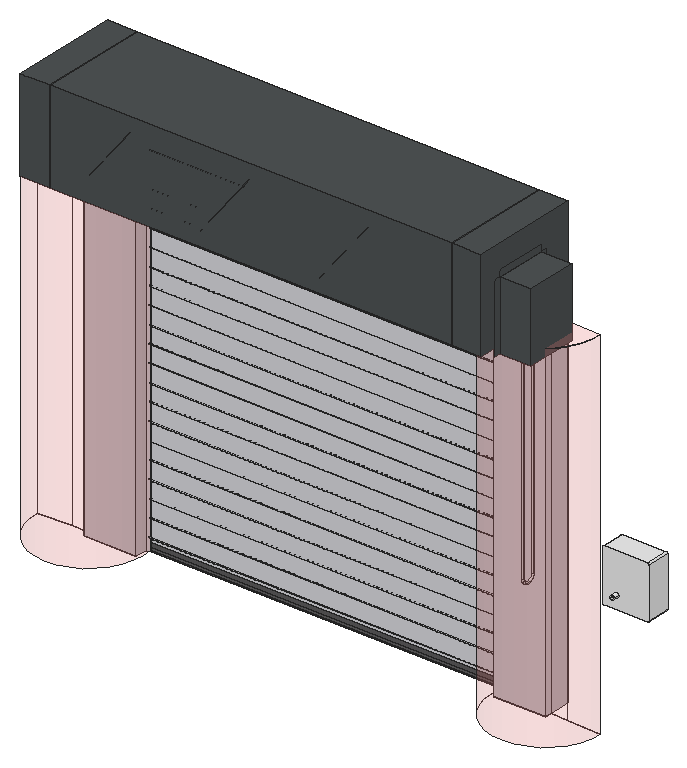
Revit family "Doors_Garage_Overhead-Door-Corporation_RapidShield-High-Speed-Exterior-Metal-Door-998_new_", category Specialty Equipment, host Wall, Revit 2019
Family settings
  Host = Wall
  Round Connector Dimension = Use Diameter
  Part Type = Normal
  OmniClass Number = 23.30.10.21.34
  OmniClass Title = Industrial Doors
  Always vertical = Yes
  Cut with Voids When Loaded = No
  Shared = No
  Room Calculation Point = No
Parameters (values of type "230 volts, three phase, 60 Hz (208-245V range)")
  True Width [instance] = [Door Width (Real)]  # 10' - 0"
  True Height [instance] = [Door Height (Real)]  # 10' - 0"
  Top Slat Array [instance] = if(Amount of Top Slats > 1, 1 < 2, 1 > 2)  # yes
  Slat Type [instance] = if(or(Slat Option = 1, Slat Option < 1), "Standard", if(Slat Option = 2, "Perforated Aluminum Slats", "Polycarbonate Panels"))  # "Standard"
  Slat Option [instance] = 1
  Slat Material = Metal - Overhead Door - Silver
  Slat Height = 0' - 5 13/16"  # constant formula
  Real Width [instance] = roundup([Door Width (Real)] / 1' 0")  # 10
  Product Page URL = "https://www.overheaddoor.com/high-speed-doors-998"
  Powder Coat (Note) = "PowderGuard® Premium powder coat options are available in approximately 200 colors as well as custom matching to specification. "  # constant formula
  Optional Slat Array [instance] = not([1st Optional Slat])  # yes
  Motor Cover [instance] = yes
  Lookup Table = "Door Limits"  # constant formula
  Insulated Slat Option [instance] = if(or(Guide Option = 2, Guide Option = 4, Guide Option > 4), 1 = 1, 1 = 2)  # no
  Hood Option [instance] = yes
  Hood Material = Metal - Overhead Door - Black
  Headroom Height [instance] = if(or(Header Option < 1, Header Option = 1), 2' 8", 3' 2")  # 2' - 8"
  Header Type [instance] = if(or(Header Option < 1, Header Option = 1), "Standard Header", "Large Header")  # "Standard Header"
  Header Option [instance] = if(or(True Height < 15' 0", True Height = 15' 0"), 1, 2)  # 1
  Guide Type [instance] = if(or(Guide Option < 1, Guide Option = 1), "Wide Guide - Non-Insulated", if(Guide Option = 2, "Wide Guide - Insulated", if(Guide Option = 3, "Slim Guide - Non-Insulated", "Slim Guide - Insulated")))  # "Wide Guide - Non-Insulated"
  Guide Option [instance] = 1
  External Transformer = no
  Door Width (Real) [instance] = if(Door Width > Max Door Width, Max Door Width, if(Door Width < Min Door Width, Min Door Width, Door Width))  # 10' - 0"
  Door Height (Real) [instance] = if(Door Height > Max Door Height, Max Door Height, if(Door Height < Min Door Height, Min Door Height, Door Height))  # 10' - 0"
  Optional Slats Section Height [instance] = Slat Height * [Amount of Optional Slats (Real)]  # 1' - 11 1/4"
  Rough Width [instance] = [Door Width (Real)]  # 10' - 0"
  Rough Height [instance] = [Door Height (Real)] - 0' 1 1/4"  # 9' - 10 3/4"
  Opening Width [instance] = Rough Width  # 10' - 0"
  Opening Height [instance] = Rough Height  # 9' - 10 3/4"
  Voltage = 230 V
  URL = "https://www.overheaddoor.com/"
  Product data url = "https://www.bimobject.com/overhead-door/product/high-speed-exterior-metal-door-998"
  Product Guid = "47d9bbf6-8e58-479b-a541-8becfc739ce1"
  Power Factor = 1
  Number of Poles = 3
  Model = "998"  # constant formula
  Min Door Width [instance] = 4' - 0"  # constant formula
  Min Door Height [instance] = 2' - 0"  # constant formula
  Max Door Width [instance] = if(or(Slat Option = 2, Guide Option = 2, Guide Option = 4, Guide Option > 4), 20' 0", 26' 0")  # 26' - 0"
  Max Door Height [instance] = if(or(Guide Option = 1, Guide Option < 1), size_lookup(Lookup Table, "A", 21' 0", Real Width), if(Guide Option = 2, 21' 0", if(Guide Option = 3, size_lookup(Lookup Table, "B", 21' 0", Real Width), if(or(Guide Option = 4, Guide Option > 4), size_lookup(Lookup Table, "C", 21' 0", Real Width), 21' 0"))))  # 21' - 0"
  Manufacturer = "Overhead Door Corporation"  # constant formula
  Frequency = 60 Hz  # constant formula
  Wall Closure = By host
  Floor To (CL) of Shaft [instance] = if(or(Header Option < 1, Header Option = 1), Opening Height + 1' 4", Opening Height + 1' 7 161/256")  # 11' - 2 3/4"
  Dimensions Limit (Note) [instance] = "Maximum Height dependant on Width input, see specifications for further detail"  # constant formula
  Connector Description = "Rapidflex Large Control Panel"  # constant formula
  Bottom Slats Section Height [instance] = Slat Height * [Amount of Bottom Slats (Real)]  # 3' - 10 1/2"
  Finish Material = Metal - Overhead Door - Silver
  Door Width [instance] = 10' - 0"
  Door Height [instance] = 10' - 0"
  Description = "RapidShield® Model 998 is a heavy-duty exterior door that features a solid aluminum curtain with opening speeds up to 80” per second. Engineered for high cycles and easy operation, RapidShield® Model 998 has been independently tested and is capable of withstanding wind load of up to 100 psf*. With a focus on safety, RapidShield® Model 998 also features patent-pending integrated curtain-monitoring device, a safety light curtain, and a monitored wireless reversing edge. This door is perfect for applications where security and privacy are a priority."  # constant formula
  Current = 20 A
  Clearance [instance] = yes
  Bottom Rail (Width) = 0' - 9 3/8"  # constant formula
  Bottom Slat Array [instance] = not([1st Bottom Slat])  # yes
  Backroom Depth [instance] = if(or(Header Option < 1, Header Option = 1), 3' 0 1/2", 3' 6 1/2")  # 3' - 0 1/2"
  Apparent Load Phase 3 = if(Number of Poles = 1, 0 VA, (Voltage * Current * sqrt(3)) / 3)  # 2655.81 VA
  Apparent Load Phase 2 = if(Number of Poles = 1, 0 VA, (Voltage * Current * sqrt(3)) / 3)  # 2655.81 VA
  Apparent Load Phase 1 = if(Number of Poles = 1, Voltage * Current, (Voltage * Current * sqrt(3)) / 3)  # 2655.81 VA
  Amount of Top Slats (Array) [instance] = if(Amount of Top Slats < 2, 2, Amount of Top Slats)  # 9
  Amount of Top Slats [instance] = if((Actual Number of Slats - [Amount of Optional Slats (Real)] - [Amount of Bottom Slats (Real)]) < 1, 0, (Actual Number of Slats - [Amount of Optional Slats (Real)] - [Amount of Bottom Slats (Real)]))  # 9
  Amount of Optional Slats (Real) [instance] = if(or(Amount of Optional Slats = 1, Amount of Optional Slats < 1), 1, if(Amount of Optional Slats > 4, 4, Amount of Optional Slats))  # 4
  Amount of Optional Slats (Array) [instance] = if(or([Amount of Optional Slats (Real)] < 2, [Amount of Optional Slats (Real)] = 2), 2, [Amount of Optional Slats (Real)])  # 4
  Amount of Optional Slats [instance] = 4
  Amount of Bottom Slats (Real) [instance] = if(Amount of Bottom Slats < 1, 1, if(Amount of Bottom Slats > (Actual Number of Slats - [Amount of Optional Slats (Real)]), (Actual Number of Slats - [Amount of Optional Slats (Real)]), Amount of Bottom Slats))  # 8
  Amount of Bottom Slats (Array) [instance] = if(or([Amount of Bottom Slats (Real)] < 2, [Amount of Bottom Slats (Real)] = 2), 2, [Amount of Bottom Slats (Real)])  # 8
  Amount of Bottom Slats [instance] = 8
  Actual Number of Slats [instance] = roundup(([Door Height (Real)] - [Bottom Rail (Width)]) / 0' 5 13/16" + 1)  # 21
  1st Top Slat [instance] = if(Amount of Top Slats = 1, 1 < 2, 1 > 2)  # no
  1st Optional Slat [instance] = if(or([Amount of Optional Slats (Real)] = 1, [Amount of Optional Slats (Real)] < 1), 1 < 2, 1 > 2)  # no
  1st Bottom Slat [instance] = if([Amount of Bottom Slats (Real)] = 1, 1 < 2, 1 > 2)  # no
Reference planes (in)
  plane 1 "Center (Front/Back)": y = 0
  plane 2 "Center (Left/Right)": x = 0
  plane 3 "Left": x = -60
  plane 4 "Right": x = 60
  plane 5 "Top": z = 120
  plane 6 "Exterior": y = 3
  plane 7 "Interior": y = -3
  plane 8: x = 60
  plane 9: x = -60
  plane 10: z = 118.75
  plane 11: z = 150.75
  plane 12 "Main": y = -7.11719
  plane 13: y = -39.5
  plane 14 "Bottom Rail": z = 9.375
  plane 15 "Main Door Block": y = -3
  plane 16: z = 47.47
  plane 17: z = 61.6875
  plane 18: z = 73.3125
  plane 19: z = 50.0625
  plane 20: z = 2.5
  plane 21: y = -7.61719
  plane 22: y = -6.61719
  plane 23 "1st Bottom Slat": z = 2.5
  plane 24: z = 79.125
  plane 25: z = 15.1875
  plane 26: z = 3.5625
Forms (in)
  Extrusion 1, solid, material "Plastic - Overhead Door - Nylon"
    sketch origin (0, 0, 0) x (0, 1, 0) y (0, 0, 1)
      loop
        line (-7.61719, 2.5) -> (-7.61719, 1.064) -> (-7.73131, 0.25198) -> (-7.93536, 0) -> (-6.29902, 0) -> (-6.50307, 0.25198) -> (-6.61719, 1.064) -> (-6.61719, 2.5) -> (-7.61719, 2.5)
    from -60 to 60
Lines and regions (in)
  Opening 1
    outline origin (-90, -3, 0) x (1, 0, 0) y (0, 0, 1)
      loop
        line (30, 0) -> (150, 0) -> (150, 118.75) -> (30, 118.75) -> (30, 0)
Text (in)
  text "Exterior" at (-74.96733, 27.31104, 0), in view "Ref. Level"
  text "Interior" at (-74.96733, -25.14366, 0), in view "Ref. Level"
  text "Exterior" at (0, 40.15149, 123.01588), in view "Right"
  text "Interior" at (0, -64.39139, 123.01588), in view "Right"
  text "Interior" at (0, -31.01599, 123.00693), in view "Left"
  text "Exterior" at (0, 54.57065, 123.00693), in view "Left"
Dimensions and locks (in)
  equal spacing: plane 3 "Left", plane 2 "Center (Left/Right)", plane 4 "Right"
  "Door Height (Real)": level to plane 5 "Top"
  "Door Width (Real)": plane 3 "Left" to plane 4 "Right"
  host wall to plane 5 "Top" = 10' - 0"
  level to host wall = 38' - 3.59655"
  "Rough Height": level to plane 10
  equal spacing: plane 9, plane 2 "Center (Left/Right)", plane 8
  "Rough Width": plane 8 to plane 9
  "Headroom Height": plane 10 to plane 11
  "Backroom Depth": plane 7 "Interior" to plane 13
  "Bottom Rail (Width)": plane 14 "Bottom Rail" to level
  plane 10 to level = 9' - 10 3/4"
  locked: plane 15 "Main Door Block" to plane 12 "Main" at 4.11719
  plane 1 "Center (Front/Back)" to plane 7 "Interior" = 0' - 3"
  equal spacing: plane 18, plane 17, plane 19
  "Optional Slats Section Height": plane 18 to plane 19
  equal spacing: plane 21, plane 12 "Main", plane 22
  locked: plane 21 to plane 22 at 1
  locked: Extrusion 1 sketch curve to Extrusion 1 sketch curve at 0.82  (x2)
  locked: plane 20 to Extrusion 1 sketch curve at 1.436  (x2)
  locked: plane 23 "1st Bottom Slat" to level at 2.5
  equal spacing: group 1, group 7, group 8, group 2  (x3)
  "Slat Height": plane 18 to plane 24
  equal spacing: group 3, group 4, group 15, group 16, group 17, group 18, group 19, group 20, group 21  (x3)
  "Slat Height": plane 25 to plane 14 "Bottom Rail"
  "Bottom Slats Section Height": plane 19 to plane 26
  locked: plane 26 to level at 3.5625
  equal spacing: group 5, group 6, group 9, group 10, group 11, group 12, group 13, group 14  (x3)
  plane 23 "1st Bottom Slat" to plane 26 = 0' - 1 1/16"
  locked: Extrusion 1 sketch curve to Extrusion 1 sketch curve (angle 172.00°)  (x2)
  locked: Extrusion 1 sketch curve to Extrusion 1 sketch curve (angle 149.00°)  (x2)
  aligned and locked: Opening 1 sketch curve to level
  aligned and locked: plane 6 "Exterior" to host wall
  aligned and locked: host wall to plane 7 "Interior"
  aligned and locked: plane 9 to Opening 1 sketch curve
  aligned and locked: plane 8 to Opening 1 sketch curve
  aligned and locked: Opening 1 sketch curve to plane 10
  aligned and locked: Extrusion 1 to plane 4 "Right"
  aligned and locked: plane 3 "Left" to Extrusion 1
  aligned and locked: nested 1 to plane 7 "Interior"
  aligned and locked: nested 1 to plane 2 "Center (Left/Right)"
  aligned and locked: level to nested 1
  aligned and locked: plane 15 "Main Door Block" to plane 7 "Interior"
  aligned and locked: plane 20 to Extrusion 1 sketch curve
  aligned and locked: plane 21 to Extrusion 1 sketch curve
  aligned and locked: plane 22 to Extrusion 1 sketch curve
  aligned and locked: Extrusion 1 sketch curve to level
  aligned and locked: nested 2 to plane 19
  aligned and locked: plane 18 to nested 3
  aligned and locked: plane 12 "Main" to nested 3
  aligned and locked: plane 12 "Main" to nested 2
  aligned and locked: nested 4 to plane 19
  aligned and locked: plane 18 to nested 5
  aligned and locked: plane 12 "Main" to nested 4
  aligned and locked: plane 12 "Main" to nested 5
  aligned and locked: plane 18 to nested 6
  aligned and locked: nested 7 to plane 24
  aligned and locked: plane 12 "Main" to nested 6
  aligned and locked: plane 12 "Main" to nested 7
  aligned and locked: nested 8 to plane 26
  aligned and locked: nested 9 to plane 14 "Bottom Rail"
  aligned and locked: plane 12 "Main" to nested 9
  aligned and locked: plane 12 "Main" to nested 8
  aligned and locked: nested 10 to plane 26
  aligned and locked: nested 10 to plane 12 "Main"
Nested families (in)
  nested 1: "Lifts" at (0, -3, 0) x (-1, 0, 0) z (0, 0, 1), Header Option <- "Header Option", Guid Option <- "Guide Option", Header Height <- "Headroom Height", Header Width <- "Backroom Depth", Motor Cover <- "Motor Cover", type "Frame Unit"
    with Spool Radius 1' - 2", Right Motor Position yes, Motor Cover Off no, Motor Cover yes, Masking Region Right Motor no, Masking Region Left Motor no, Left Motor Position no, Header Width 3' - 0 1/2", Header Option 1, Header Height 2' - 8", Guid Width 1' - 5 1/4", Guid Option 1, Floor To (CL) of Shaft 11' - 2 3/4", Electric Operator Position 17' - 1 1/2", Clearance (Wide Guid) yes, Clearance (Slim Guid) no, CL Shaft Offset 1' - 0"
  nested 2: "Slat" at (0, -7.11719, 55.875) x (1, 0, 0) z (0, 0, -1), visible <- "1st Optional Slat", Slat Option <- "Slat Option", type "Slat"
    with Standard Slat Bottom Rail no, Standard Slat yes, Slat Option 1, Polycarbonate Slat Bottom Rail no, Polycarbonate Slat no, Perforated Slat Bottom Rail no, Perforated Slat no, Bottom Rail no
  nested 3: "Slat" at (0, -7.11719, 79.125) x (1, 0, 0) z (0, 0, -1), visible <- "1st Top Slat", type "Slat"
    with Standard Slat Bottom Rail no, Standard Slat yes, Slat Option 1, Polycarbonate Slat Bottom Rail no, Polycarbonate Slat no, Perforated Slat Bottom Rail no, Perforated Slat no, Bottom Rail no
  nested 4: "Slat" at (0, -7.11719, 55.875) x (1, 0, 0) z (0, 0, -1), visible <- "Optional Slat Array", Slat Option <- "Slat Option", type "Slat"
    with Standard Slat Bottom Rail no, Standard Slat yes, Slat Option 1, Polycarbonate Slat Bottom Rail no, Polycarbonate Slat no, Perforated Slat Bottom Rail no, Perforated Slat no, Bottom Rail no
  nested 5: "Slat" at (0, -7.11719, 73.3125) x (1, 0, 0) z (0, 0, -1), visible <- "Optional Slat Array", Slat Option <- "Slat Option", type "Slat"
    with Standard Slat Bottom Rail no, Standard Slat yes, Slat Option 1, Polycarbonate Slat Bottom Rail no, Polycarbonate Slat no, Perforated Slat Bottom Rail no, Perforated Slat no, Bottom Rail no
  nested 6: "Slat" at (0, -7.11719, 79.125) x (1, 0, 0) z (0, 0, -1), visible <- "Top Slat Array", type "Slat"
    with Standard Slat Bottom Rail no, Standard Slat yes, Slat Option 1, Polycarbonate Slat Bottom Rail no, Polycarbonate Slat no, Perforated Slat Bottom Rail no, Perforated Slat no, Bottom Rail no
  nested 7: "Slat" at (0, -7.11719, 84.9375) x (1, 0, 0) z (0, 0, -1), visible <- "Top Slat Array", type "Slat"
    with Standard Slat Bottom Rail no, Standard Slat yes, Slat Option 1, Polycarbonate Slat Bottom Rail no, Polycarbonate Slat no, Perforated Slat Bottom Rail no, Perforated Slat no, Bottom Rail no
  nested 8: "Slat" at (0, -7.11719, 9.375) x (1, 0, 0) z (0, 0, -1), visible <- "Bottom Slat Array", type "Slat"
    with Standard Slat Bottom Rail no, Standard Slat yes, Slat Option 1, Polycarbonate Slat Bottom Rail no, Polycarbonate Slat no, Perforated Slat Bottom Rail no, Perforated Slat no, Bottom Rail no
  nested 9: "Slat" at (0, -7.11719, 15.1875) x (1, 0, 0) z (0, 0, -1), visible <- "Bottom Slat Array", type "Slat"
    with Standard Slat Bottom Rail no, Standard Slat yes, Slat Option 1, Polycarbonate Slat Bottom Rail no, Polycarbonate Slat no, Perforated Slat Bottom Rail no, Perforated Slat no, Bottom Rail no
  nested 10: "Slat" at (0, -7.11719, 3.5625), type "Slat"
    with Standard Slat Bottom Rail yes, Standard Slat yes, Slat Option 1, Polycarbonate Slat Bottom Rail no, Polycarbonate Slat no, Perforated Slat Bottom Rail no, Perforated Slat no, Bottom Rail yes
  nested 11: "Slat" at (0, -7.11719, 61.6875) x (1, 0, 0) z (0, 0, -1), visible <- "Optional Slat Array", Slat Option <- "Slat Option", type "Slat"
    with Standard Slat Bottom Rail no, Standard Slat yes, Slat Option 1, Polycarbonate Slat Bottom Rail no, Polycarbonate Slat no, Perforated Slat Bottom Rail no, Perforated Slat no, Bottom Rail no
  nested 12: "Slat" at (0, -7.11719, 67.5) x (1, 0, 0) z (0, 0, -1), visible <- "Optional Slat Array", Slat Option <- "Slat Option", type "Slat"
    with Standard Slat Bottom Rail no, Standard Slat yes, Slat Option 1, Polycarbonate Slat Bottom Rail no, Polycarbonate Slat no, Perforated Slat Bottom Rail no, Perforated Slat no, Bottom Rail no
  nested 13: "Slat" at (0, -7.11719, 21) x (1, 0, 0) z (0, 0, -1), visible <- "Bottom Slat Array", type "Slat"
    with Standard Slat Bottom Rail no, Standard Slat yes, Slat Option 1, Polycarbonate Slat Bottom Rail no, Polycarbonate Slat no, Perforated Slat Bottom Rail no, Perforated Slat no, Bottom Rail no
  nested 14: "Slat" at (0, -7.11719, 26.8125) x (1, 0, 0) z (0, 0, -1), visible <- "Bottom Slat Array", type "Slat"
    with Standard Slat Bottom Rail no, Standard Slat yes, Slat Option 1, Polycarbonate Slat Bottom Rail no, Polycarbonate Slat no, Perforated Slat Bottom Rail no, Perforated Slat no, Bottom Rail no
  nested 15: "Slat" at (0, -7.11719, 32.625) x (1, 0, 0) z (0, 0, -1), visible <- "Bottom Slat Array", type "Slat"
    with Standard Slat Bottom Rail no, Standard Slat yes, Slat Option 1, Polycarbonate Slat Bottom Rail no, Polycarbonate Slat no, Perforated Slat Bottom Rail no, Perforated Slat no, Bottom Rail no
  nested 16: "Slat" at (0, -7.11719, 38.4375) x (1, 0, 0) z (0, 0, -1), visible <- "Bottom Slat Array", type "Slat"
    with Standard Slat Bottom Rail no, Standard Slat yes, Slat Option 1, Polycarbonate Slat Bottom Rail no, Polycarbonate Slat no, Perforated Slat Bottom Rail no, Perforated Slat no, Bottom Rail no
  nested 17: "Slat" at (0, -7.11719, 44.25) x (1, 0, 0) z (0, 0, -1), visible <- "Bottom Slat Array", type "Slat"
    with Standard Slat Bottom Rail no, Standard Slat yes, Slat Option 1, Polycarbonate Slat Bottom Rail no, Polycarbonate Slat no, Perforated Slat Bottom Rail no, Perforated Slat no, Bottom Rail no
  nested 18: "Slat" at (0, -7.11719, 50.0625) x (1, 0, 0) z (0, 0, -1), visible <- "Bottom Slat Array", type "Slat"
    with Standard Slat Bottom Rail no, Standard Slat yes, Slat Option 1, Polycarbonate Slat Bottom Rail no, Polycarbonate Slat no, Perforated Slat Bottom Rail no, Perforated Slat no, Bottom Rail no
  nested 19: "Slat" at (0, -7.11719, 90.75) x (1, 0, 0) z (0, 0, -1), visible <- "Top Slat Array", type "Slat"
    with Standard Slat Bottom Rail no, Standard Slat yes, Slat Option 1, Polycarbonate Slat Bottom Rail no, Polycarbonate Slat no, Perforated Slat Bottom Rail no, Perforated Slat no, Bottom Rail no
  nested 20: "Slat" at (0, -7.11719, 96.5625) x (1, 0, 0) z (0, 0, -1), visible <- "Top Slat Array", type "Slat"
    with Standard Slat Bottom Rail no, Standard Slat yes, Slat Option 1, Polycarbonate Slat Bottom Rail no, Polycarbonate Slat no, Perforated Slat Bottom Rail no, Perforated Slat no, Bottom Rail no
  nested 21: "Slat" at (0, -7.11719, 102.375) x (1, 0, 0) z (0, 0, -1), visible <- "Top Slat Array", type "Slat"
    with Standard Slat Bottom Rail no, Standard Slat yes, Slat Option 1, Polycarbonate Slat Bottom Rail no, Polycarbonate Slat no, Perforated Slat Bottom Rail no, Perforated Slat no, Bottom Rail no
  nested 22: "Slat" at (0, -7.11719, 108.1875) x (1, 0, 0) z (0, 0, -1), visible <- "Top Slat Array", type "Slat"
    with Standard Slat Bottom Rail no, Standard Slat yes, Slat Option 1, Polycarbonate Slat Bottom Rail no, Polycarbonate Slat no, Perforated Slat Bottom Rail no, Perforated Slat no, Bottom Rail no
  nested 23: "Slat" at (0, -7.11719, 114) x (1, 0, 0) z (0, 0, -1), visible <- "Top Slat Array", type "Slat"
    with Standard Slat Bottom Rail no, Standard Slat yes, Slat Option 1, Polycarbonate Slat Bottom Rail no, Polycarbonate Slat no, Perforated Slat Bottom Rail no, Perforated Slat no, Bottom Rail no
  nested 24: "Slat" at (0, -7.11719, 119.8125) x (1, 0, 0) z (0, 0, -1), visible <- "Top Slat Array", type "Slat"
    with Standard Slat Bottom Rail no, Standard Slat yes, Slat Option 1, Polycarbonate Slat Bottom Rail no, Polycarbonate Slat no, Perforated Slat Bottom Rail no, Perforated Slat no, Bottom Rail no
  nested 25: "Slat" at (0, -7.11719, 125.625) x (1, 0, 0) z (0, 0, -1), visible <- "Top Slat Array", type "Slat"
    with Standard Slat Bottom Rail no, Standard Slat yes, Slat Option 1, Polycarbonate Slat Bottom Rail no, Polycarbonate Slat no, Perforated Slat Bottom Rail no, Perforated Slat no, Bottom Rail no
Connectors (in)
  electrical at (102.74935, -10.54, 48), driven by "Number of Poles", driven by "Voltage", driven by "Apparent Load Phase 1", driven by "Power Factor", driven by "Connector Description", driven by "Apparent Load Phase 2", driven by "Apparent Load Phase 3"
    settings: on nested 1, index 1, voltage 230 V, apparent load 0 VA, apparent load phase1 2655.81 VA, apparent load phase2 2655.81 VA, apparent load phase3 2655.81 VA, power factor 1, load classification "Other", number of poles 3, system type 31, power factor state 1, is connector primary yes, connector utility no, sub classification motor no, connector description "Rapidflex Large Control Panel"
Definition of nested family "Lifts"
  Parameters (values of type "Frame Unit")
    Spool Radius [instance] = if(or(Header Option < 1, Header Option = 1), 1' 2", 1' 5.7")  # 1' - 5.7"
    Shaft Material = none
    Right Motor Position [instance] = yes
    Opening Width = 10' - 0"
    Naked Header = not(Hood Option)  # no
    Motor Cover Off [instance] = not(Motor Cover)  # no
    Motor Cover [instance] = yes
    Masking Region Right Motor [instance] = if(and(Right Motor Position, Motor Cover Off), 1 = 1, 1 = 2)  # no
    Masking Region Left Motor [instance] = if(and(Left Motor Position, Motor Cover Off), 1 = 1, 1 = 2)  # no
    Left Motor Position [instance] = yes
    Hood Option = yes
    Hood Material = none
    Header Width [instance] = 3' - 6 1/2"
    Header Option [instance] = 2
    Header Height [instance] = 3' - 2"
    Guid Width [instance] = if(or(Guid Option > 3, Guid Option = 3), 1' 0.63", 1' 5 1/4")  # 1' - 5 1/4"
    Guid Option [instance] = 1
    External Transformer = no
    Electric Operator Position [instance] = if(Right Motor Position, (3' 6 3/4" * 2 + Opening Width), 0' 0")  # 17' - 1 1/2"
    Clearance (Wide Guid) [instance] = if(and(Clearance, or(Guid Option < 2, Guid Option = 2)), 1 < 2, 1 > 2)  # yes
    Clearance (Slim Guid) [instance] = if(and(Clearance, or(Guid Option > 3, Guid Option = 3)), 1 < 2, 1 > 2)  # no
    Clearance = yes
    Opening Height = 9' - 10 3/4"
    Floor To (CL) of Shaft [instance] = if(or(Header Option < 1, Header Option = 1), Opening Height + 1' 4", Opening Height + 1' 7.63")  # 11' - 6.38"
    Finish Material = none
    CL Shaft Offset [instance] = if(or(Header Option < 1, Header Option = 1), 1' 0", 1' 4.53")  # 1' - 4.53"
    Analytic Construction = "<None>"
  Reference planes (in)
    plane 1 "Center (Front/Back)": y = 0
    plane 2: z = 0
    plane 3 "Center (Left/Right)": x = 0
    plane 4 "Left": x = -60
    plane 5 "Right": x = 60
    plane 6 "Center Line of Shaft": z = 138.38
    plane 7 "Headroom Top": z = 156.75
    plane 8 "Opening Height": z = 118.75
    plane 9: x = -87.5
    plane 10 "Shaft": x = -75.54413
    plane 11 "Box": x = -102.74935
    plane 12 "EBOX": z = 48
    plane 13: z = 39.09375
    plane 14: z = 56.90625
    plane 15: z = 43.5
    plane 16: y = 16.53
    plane 17: y = 7.54
    plane 18: x = 72.81
    plane 19: y = 2.73
    plane 20: y = 5.5094
    plane 21: y = 7.25
    plane 22: z = 120
    plane 23: x = -72.81
    plane 24: x = -40
    plane 25: x = -20
    plane 26: x = 0
    plane 27: z = 122.5
    plane 28: z = 154.25
    plane 29: x = 20
    plane 30: x = 40
    plane 31: y = 42.5
    plane 32: x = 87.5
    plane 33: y = 7.28
    plane 34: x = -77.68
    plane 35: x = 77.68
    plane 36: x = 77.25
    plane 37: x = -77.25
    plane 38: x = -94.99935
    plane 39: x = -110.49935
    plane 40 "Center L/MM": x = 75.54413
    plane 41 "Center L/NN": x = 102.75065
    plane 42: y = 7.54
  Forms (in)
    Extrusion 1, solid, material <- "Shaft Material"
      sketch origin (0, 0, 0) x (0, 1, 0) y (0, 0, 1)
        loop
          circle (21.25, 138.38) r 0.78
      from -87.5 to 87.5
    Extrusion 2, solid, material <- "Hood Material"
      sketch origin (60, 0, 0) x (0, -1, 0) y (0, 0, 1)
        loop
          circle (-21.25, 138.38) r 17.7
      from -6.97 to -16.504
    Extrusion 3, solid, material <- "Shaft Material"
      sketch origin (0, 0, 138.38) x (-1, 0, 0) y (0, -1, 0)
        loop
          line (-76.504, -16.61) -> (-76.745, -16.61) -> (-76.745, -23.86) -> (-76.504, -23.86) -> (-76.504, -16.61)
        loop
          line (76.504, -16.61) -> (76.504, -23.86) -> (76.745, -23.86) -> (76.745, -16.61) -> (76.504, -16.61)
      from 5.62 to -3
    Extrusion 4, solid
      sketch origin (-1.95651, 0, 0) x (1, 0, 0) y (0, 0, 1)
        loop
          line (-93.54284, 56.90625) -> (-108.04284, 56.90625)
          arc (-108.04284, 56.90625) -> (-108.39639, 56.7598) -> (-108.54284, 56.40625) r 0.5
          line (-108.54284, 56.40625) -> (-108.54284, 39.59375)
          arc (-108.54284, 39.59375) -> (-108.39639, 39.2402) -> (-108.04284, 39.09375) r 0.5
          line (-108.04284, 39.09375) -> (-93.54284, 39.09375)
          arc (-93.54284, 39.09375) -> (-93.18929, 39.2402) -> (-93.04284, 39.59375) r 0.5
          line (-93.04284, 39.59375) -> (-93.04284, 56.40625)
          arc (-93.04284, 56.40625) -> (-93.18929, 56.7598) -> (-93.54284, 56.90625) r 0.5
      from -7.54 to 0
    Revolve 5, solid, visible <- "Right Motor Position"
      sketch origin (-55.03203, -180, 43.5) x (-1, 0, 0) y (0, -1, 0)
        loop
          line (44.35732, -187.54) -> (43.60732, -187.54) -> (43.75732, -189.312) -> (44.35732, -189.312) -> (44.35732, -187.54)
        axis (44.35732, -187.54) -> (44.35732, -189.312)
      angle from 0 to 360
    Extrusion 6, solid, material <- "Finish Material"
      sketch origin (0, 0, 0) x (1, 0, 0) y (0, 1, 0)
        loop
          line (60, 0) -> (77.25, 0) -> (77.25, 9.5) -> (60, 9.5) -> (60, 5.5094) -> (59, 4.80919) -> (59, 3.43021) -> (60, 2.73) -> (60, 0)
        loop
          line (-77.25, 0) -> (-60, 0) -> (-60, 2.73) -> (-59, 3.43021) -> (-59, 4.80919) -> (-60, 5.5094) -> (-60, 9.5) -> (-77.25, 9.5) -> (-77.25, 0)
      from 0 to 120
    Extrusion 7, solid, visible <- "Clearance (Slim Guid)"
      sketch origin (0, 0, 0) x (1, 0, 0) y (0, 1, 0)
        loop
          line (59.00502, 4.81271) -> (60, 5.5094) -> (60, 9.5) -> (72.625, 9.5) -> (72.625, 7.25) -> (72.86879, 7.25) -> (85.75065, 7.92511)
          arc (85.75065, 7.92511) -> (70.70003, 20.78662) -> (59.00502, 4.81271) r 13.50118
        loop
          arc (-59.00502, 4.81271) -> (-70.69873, 20.79785) -> (-85.75065, 7.92511) r 13.50197
          line (-85.75065, 7.92511) -> (-72.86879, 7.25) -> (-72.625, 7.25) -> (-72.625, 9.5) -> (-60, 9.5) -> (-60, 5.5094) -> (-59.00502, 4.81271)
      from 0 to 120
    Extrusion 8, solid, material <- "Hood Material", visible <- "Hood Option"
      sketch origin (0, 0, 0) x (0, 1, 0) y (0, 0, 1)
        loop
          line (0, 120) -> (42.5, 120) -> (42.5, 156.75) -> (0, 156.75) -> (0, 120)
      from -67.475 to 67.475
    Sweep 9, solid, material <- "Hood Material"
      path origin (0, 0, 0) x (0, 1, 0) y (0, 0, 1)
        loop
          line (0, 120) -> (42.5, 120) -> (42.5, 156.75) -> (0, 156.75) -> (0, 120)
      profile origin (0, 0, 138.375) x (0, -1, 0) y (1, 0, 0)
        loop
          line (0, 67.475) -> (0, 77.25) -> (-0.5, 77.25) -> (-0.5, 67.475) -> (0, 67.475)
        loop
          line (0, -67.475) -> (-0.5, -67.475) -> (-0.5, -77.25) -> (0, -77.25) -> (0, -67.475)
    Extrusion 10, solid, material <- "Hood Material"
      sketch origin (0, 0, 0) x (1, 0, 0) y (0, 1, 0)
        loop
          line (77.25, 0) -> (77.25, 42.5) -> (76.745, 42.5) -> (76.745, 0) -> (77.25, 0)
        loop
          line (-77.25, 0) -> (-76.745, 0) -> (-76.745, 42.5) -> (-77.25, 42.5) -> (-77.25, 0)
      from 120 to 156.75
    Extrusion 11, solid, material <- "Hood Material"
      sketch origin (0, 0, 0) x (0, 1, 0) y (0, 0, 1)
        loop
          line (0.5, 120.5) -> (2.5, 120.5) -> (2.5, 124.5) -> (0.5, 124.5) -> (0.5, 120.5)
        loop
          line (0.5, 156.25) -> (0.5, 152.25) -> (2.5, 152.25) -> (2.5, 156.25) -> (0.5, 156.25)
        loop
          line (42, 156.25) -> (40, 156.25) -> (40, 152.25) -> (42, 152.25) -> (42, 156.25)
        loop
          line (42, 120.5) -> (42, 124.5) -> (40, 124.5) -> (40, 120.5) -> (42, 120.5)
      from -76.745 to 76.745
    Sweep 12, solid, material <- "Hood Material"
      path origin (0, 0, 0) x (1, 0, 0) y (0, 0, 1)
        loop
          line (-60, 121.5) -> (-60, 122.5) -> (-40, 154.25) -> (-20, 122.5) -> (0, 154.25) -> (20, 122.5) -> (40, 154.25) -> (60, 122.5) -> (60, 121.5)
      profile origin (-60, 0, 122) x (-1, 0, 0) y (0, -1, 0)
        loop
          line (1, -0.5) -> (-1, -0.5) -> (-1, -2.5) -> (1, -2.5) -> (1, -0.5)
        loop
          line (1, -40) -> (-1, -40) -> (-1, -42) -> (1, -42) -> (1, -40)
    Extrusion 13, void
      sketch origin (0, 0, 0) x (1, 0, 0) y (0, 0, 1)
        loop
          line (-78.35432, 152.25) -> (80.245, 152.25) -> (80.245, 186.25) -> (-78.35432, 186.25) -> (-78.35432, 152.25)
        loop
          line (80.245, 105.5) -> (80.245, 124.5) -> (-78.35432, 124.5) -> (-78.35432, 105.5) -> (80.245, 105.5)
      from 0 to -42.5
    Extrusion 14, solid, visible <- "Clearance (Wide Guid)"
      sketch origin (0, 0.03, 0) x (1, 0, 0) y (0, 1, 0)
        loop
          arc (-59, 4.77919) -> (-74.94522, 26.56962) -> (-94.4, 7.84572) r 17.92829
          line (-94.4, 7.84572) -> (-83.03307, 7.25) -> (-77.495, 7.25) -> (-77.495, 9.5) -> (-60, 9.5) -> (-60, 5.4794) -> (-59, 4.77919)
        loop
          line (59, 4.77919) -> (60, 5.4794) -> (60, 9.5) -> (77.495, 9.5) -> (77.495, 7.25) -> (83.03307, 7.25) -> (94.4, 7.84572)
          arc (94.4, 7.84572) -> (74.94522, 26.56962) -> (59, 4.77919) r 17.92829
      from 0 to 120
    Extrusion 15, solid, material <- "Hood Material"
      sketch origin (-60, -60, 48) x (0, -1, 0) y (0, 0, 1)
        loop
          circle (-81.25, 90.38) r 17.7
      from 6.97 to 16.504
    Extrusion 16, solid, visible <- "External Transformer"
      sketch origin (0, 0, 48) x (1, 0, 0) y (0, 1, 0)
        loop
          line (-109.62435, 0) -> (-95.87435, 0) -> (-95.87435, 0.125) -> (-98.24935, 0.125) -> (-98.24935, 9.3125) -> (-107.24935, 9.3125) -> (-107.24935, 0.125) -> (-109.62435, 0.125) -> (-109.62435, 0)
      from -19.13 to -10
    Revolve 17, solid, visible <- "Left Motor Position"
      sketch origin (-150.46926, -180, 43.5) x (1, 0, 0) y (0, 1, 0)
        loop
          line (44.35991, 187.54) -> (44.35991, 189.312) -> (43.75991, 189.312) -> (43.60991, 187.54) -> (44.35991, 187.54)
        axis (44.35991, 187.54) -> (44.35991, 189.312)
      angle from 0 to 360
  Cuts and joins
    joined: Sweep 9, Extrusion 10
    Extrusion 13 cuts Sweep 12
  Lines and regions (in)
    Masking region 1
      outline origin (0, 0, 0) x (1, 0, 0) y (0, 1, 0)
        loop
          line (-110.49935, 0) -> (-94.99935, 0) -> (-94.99935, 7.54) -> (-110.49935, 7.54) -> (-110.49935, 0)
    Masking region 2, visible <- "Right Motor Position"
      outline origin (0, 0, 0) x (1, 0, 0) y (0, 1, 0)
        loop
          line (-98.63935, 7.54) -> (-98.78935, 9.312) -> (-99.98935, 9.312) -> (-100.13935, 7.54) -> (-98.63935, 7.54)
    Masking region 3, visible <- "Naked Header"
      outline origin (0, 0, 0) x (1, 0, 0) y (0, 1, 0)
        loop
          line (-77.25, 42.5) -> (-77.25, 0) -> (-67.475, 0) -> (-67.475, 3.55) -> (-66.97, 3.55) -> (-66.97, 38.95) -> (-67.475, 38.95) -> (-67.475, 42.5) -> (-77.25, 42.5)
        loop
          line (67.475, 42.5) -> (67.475, 38.95) -> (66.97, 38.95) -> (66.97, 3.55) -> (67.475, 3.55) -> (67.475, 0) -> (77.25, 0) -> (77.25, 42.5) -> (67.475, 42.5)
    Masking region 4, visible <- "Naked Header"
      outline origin (0, 0, 0) x (1, 0, 0) y (0, 1, 0)
        loop
          line (67.475, 2.5) -> (-67.475, 2.5) -> (-67.475, 0.5) -> (67.475, 0.5) -> (67.475, 2.5)
        loop
          line (-66.97, 22.03) -> (-66.97, 20.47) -> (66.97, 20.47) -> (66.97, 22.03) -> (-66.97, 22.03)
        loop
          line (-67.475, 40) -> (67.475, 40) -> (67.475, 42) -> (-67.475, 42) -> (-67.475, 40)
    Masking region 5, visible <- "Naked Header"
      outline origin (0, 0, 0) x (1, 0, 0) y (0, 1, 0)
        loop
          line (-77.25, 9.5) -> (-77.25, 0) -> (-60, 0) -> (-60, 2.73) -> (-59, 3.43021) -> (-59, 4.80919) -> (-60, 5.5094) -> (-60, 9.5) -> (-77.25, 9.5)
        loop
          line (60, 0) -> (77.25, 0) -> (77.25, 9.5) -> (60, 9.5) -> (60, 5.5094) -> (59, 4.80919) -> (59, 3.43021) -> (60, 2.73) -> (60, 0)
    Masking region 6, visible <- "Hood Option"
      outline origin (0, 0, 0) x (1, 0, 0) y (0, 1, 0)
        loop
          line (77.25, 42.5) -> (-77.25, 42.5) -> (-77.25, 0) -> (77.25, 0) -> (77.25, 42.5)
    Masking region 7, visible <- "Naked Header"
      outline origin (0, 0, 0) x (1, 0, 0) y (0, 1, 0)
        loop
          line (-59.1721, 4.9297) -> (-59, 4.80919) -> (-59, 3.43021) -> (-59.1721, 3.3097) -> (59.1721, 3.3097) -> (59, 3.43021) -> (59, 4.80919) -> (59.1721, 4.9297) -> (-59.1721, 4.9297)
    Masking region 8, visible <- "Masking Region Left Motor"
      outline origin (0, 0, 0) x (1, 0, 0) y (0, 1, 0)
        loop
          line (77.25, 22.03) -> (77.25, 20.47) -> (80.479, 20.47) -> (80.479, 21.43043) -> (81.009, 21.43043) -> (81.009, 22.03) -> (80.41413, 22.03) -> (80.41413, 21.92998) -> (79.18006, 21.92998) -> (79.18006, 22.03) -> (77.25, 22.03)
        loop
          line (87.5, 22.03) -> (84.949, 22.03) -> (84.949, 21.43043) -> (85.479, 21.43043) -> (85.479, 20.47) -> (87.5, 20.47) -> (87.5, 22.03)
    Masking region 9, visible <- "Masking Region Right Motor"
      outline origin (0, 0, 0) x (1, 0, 0) y (0, 1, 0)
        loop
          line (-77.25, 22.03) -> (-79.18006, 22.03) -> (-79.18006, 21.92998) -> (-80.41413, 21.92998) -> (-80.41413, 22.03) -> (-81.009, 22.03) -> (-81.009, 21.43043) -> (-80.479, 21.43043) -> (-80.479, 20.47) -> (-77.25, 20.47) -> (-77.25, 22.03)
        loop
          line (-87.5, 22.03) -> (-87.5, 20.47) -> (-85.479, 20.47) -> (-85.479, 21.43043) -> (-84.949, 21.43043) -> (-84.949, 22.03) -> (-87.5, 22.03)
    Masking region 10, visible <- "Left Motor Position"
      outline origin (0, 0, 0) x (1, 0, 0) y (0, 1, 0)
        loop
          line (-87.5, 20.47) -> (-77.25, 20.47) -> (-77.25, 22.03) -> (-87.5, 22.03) -> (-87.5, 20.47)
    Masking region 11, visible <- "Right Motor Position"
      outline origin (0, 0, 0) x (1, 0, 0) y (0, 1, 0)
        loop
          line (87.5, 22.03) -> (77.25, 22.03) -> (77.25, 20.47) -> (87.5, 20.47) -> (87.5, 22.03)
    Masking region 12, visible <- "External Transformer"
      outline origin (0, 0, 0) x (1, 0, 0) y (0, 1, 0)
        loop
          line (-107.24935, 7.54) -> (-98.24935, 7.54) -> (-98.24935, 9.3125) -> (-107.24935, 9.3125) -> (-107.24935, 7.54)
    Masking region 13, visible <- "Left Motor Position"
      outline origin (-205.50129, 0, 0) x (0, 1, 0) y (-1, 0, 0)
        loop
          line (7.54, -98.64194) -> (7.54, -100.14194) -> (9.312, -99.99194) -> (9.312, -98.79194) -> (7.54, -98.64194)
    symbolic lines
      curve 1: line (-67.475, 42.5, 0) -> (-67.475, 0, 0)
      curve 2: line (67.475, 0, 0) -> (67.475, 42.5, 0)
  Dimensions and locks (in)
    equal spacing: plane 4 "Left", plane 3 "Center (Left/Right)", plane 5 "Right"
    "Opening Width": plane 4 "Left" to plane 5 "Right"
    "Header Height": plane 7 "Headroom Top" to plane 8 "Opening Height"
    "Opening Height": plane 8 "Opening Height" to level
    locked: plane 9 to plane 4 "Left" at 27.5
    locked: Extrusion 3 sketch curve to Extrusion 3 sketch curve at 0.241  (x2)
    locked: level to plane 12 "EBOX" at 48
    locked: plane 11 "Box" to Revolve 5 sketch curve at 3.36
    equal spacing: plane 14, plane 12 "EBOX", plane 13
    locked: plane 12 "EBOX" to plane 15 at 4.5
    locked: plane 13 to plane 14 at 17.8125
    locked: plane 10 "Shaft" to plane 4 "Left" at 15.54413
    locked: plane 16 to Extrusion 1 sketch curve at 4.72
    locked: plane 16 to Extrusion 2 sketch curve at 4.72
    locked: plane 16 to Extrusion 3 sketch curve at 0.08  (x2)
    locked: plane 16 to Extrusion 3 sketch curve at 7.33  (x2)
    locked: plane 17 to plane 1 "Center (Front/Back)" at 7.54
    locked: Revolve 5 sketch curve to Revolve 5 sketch curve at 0.6
    locked: Revolve 5 sketch curve to Revolve 5 sketch curve at 0.75
    locked: plane 17 to Revolve 5 sketch curve at 1.772
    "Guid Width": Extrusion 6 sketch curve to plane 4 "Left"
    "Guid Width": plane 5 "Right" to Extrusion 6 sketch curve
    locked: plane 1 "Center (Front/Back)" to plane 19 at 2.73
    locked: plane 1 "Center (Front/Back)" to plane 20 at 5.5094
    locked: Extrusion 6 sketch curve to plane 5 "Right" at 1
    locked: plane 4 "Left" to Extrusion 6 sketch curve at 1
    locked: plane 1 "Center (Front/Back)" to Extrusion 6 sketch curve at 9.5  (x2)
    locked: plane 21 to Extrusion 7 sketch curve at 2.25  (x2)
    locked: plane 1 "Center (Front/Back)" to plane 21 at 7.25
    "Header Width": plane 1 "Center (Front/Back)" to Extrusion 8 sketch curve
    locked: Extrusion 8 to plane 4 "Left" at 7.475
    locked: plane 5 "Right" to Extrusion 8 at 7.475
    locked: plane 22 to plane 8 "Opening Height" at 1.25
    "Header Width": plane 1 "Center (Front/Back)" to Sweep 9 sketch curve
    locked: plane 5 "Right" to Sweep 9 sketch curve at 7.475
    locked: Sweep 9 sketch curve to profile plane at 0.5
    "Header Width": plane 1 "Center (Front/Back)" to Extrusion 10 sketch curve  (x2)
    locked: Extrusion 7 sketch curve to plane 18 at 0.185
    locked: plane 23 to Extrusion 7 sketch curve at 0.185
    locked: Sweep 12 sketch curve to Sweep 12 sketch curve at 1  (x2)
    equal spacing: plane 4 "Left", plane 24, plane 25, plane 26, plane 29, plane 30, plane 5 "Right"
    locked: profile plane to Sweep 12 sketch curve at 1
    locked: profile plane to Sweep 12 sketch curve at 0.5
    locked: profile plane to Sweep 12 sketch curve at 2.5
    locked: plane 4 "Left" to Sweep 12 sketch curve at 1
    locked: plane 7 "Headroom Top" to plane 28 at 2.5
    equal spacing: Sweep 12 sketch curve, plane 4 "Left", Sweep 12 sketch curve
    equal spacing: Sweep 12 sketch curve, profile plane, Sweep 12 sketch curve
    locked: Masking region 3 sketch curve to Masking region 3 sketch curve at 0.505  (x2)
    locked: Masking region 4 sketch curve to plane 4 "Left" at 6.97
    locked: Masking region 4 sketch curve to plane 4 "Left" at 7.475
    locked: plane 5 "Right" to Masking region 4 sketch curve at 7.475
    locked: plane 27 to plane 8 "Opening Height" at 3.75
    locked: plane 7 "Headroom Top" to Extrusion 13 sketch curve at 4.5
    locked: Extrusion 13 sketch curve to plane 8 "Opening Height" at 5.75
    locked: Extrusion 11 to Extrusion 13 sketch curve at 19
    locked: Extrusion 13 sketch curve to Extrusion 11 at 34
    "Header Width": plane 1 "Center (Front/Back)" to plane 31
    locked: Extrusion 11 sketch curve to plane 31 at 2.5
    locked: Extrusion 11 sketch curve to plane 31 at 0.5
    locked: Sweep 12 sketch curve to plane 31 at 2.5
    locked: plane 31 to Sweep 12 sketch curve at 0.5
    "Floor To (CL) of Shaft": plane 6 "Center Line of Shaft" to level
    "CL Shaft Offset": plane 1 "Center (Front/Back)" to plane 16
    locked: plane 5 "Right" to plane 32 at 27.5
    locked: plane 33 to Extrusion 14 sketch curve at 2.25  (x2)
    locked: plane 1 "Center (Front/Back)" to plane 33 at 7.28  (x2)
    locked: plane 34 to Extrusion 14 sketch curve at 0.185
    locked: plane 4 "Left" to Extrusion 14 sketch curve at 1
    locked: plane 33 to Extrusion 14 sketch curve at 1.45822  (x2)
    locked: plane 34 to Extrusion 14 sketch curve at 1.18753
    locked: plane 35 to Extrusion 14 sketch curve at 0.185
    locked: plane 35 to Extrusion 14 sketch curve at 1.18753
    locked: Extrusion 14 sketch curve to plane 5 "Right" at 1
    locked: Extrusion 14 sketch curve to plane 34 at 5.35307
    locked: plane 35 to Extrusion 14 sketch curve at 5.35307
    locked: plane 18 to Extrusion 7 sketch curve at 12.94065
    locked: Extrusion 7 sketch curve to plane 18 at 13.80498
    locked: Extrusion 7 sketch curve to plane 18 at 0.54936
    locked: plane 21 to Extrusion 7 sketch curve at 0.12594
    locked: plane 21 to Extrusion 7 sketch curve at 0.13638
    locked: plane 23 to Extrusion 7 sketch curve at 0.55057
    locked: Extrusion 7 sketch curve to plane 23 at 12.94065
    locked: plane 5 "Right" to plane 18 at 12.81
    locked: plane 23 to plane 4 "Left" at 12.81
    locked: plane 23 to Extrusion 7 sketch curve at 13.80498
    locked: plane 34 to plane 4 "Left" at 17.68
    locked: plane 5 "Right" to plane 35 at 17.68
    locked: Extrusion 14 sketch curve to plane 34 at 16.72
    locked: plane 35 to Extrusion 14 sketch curve at 16.72
    locked: plane 5 "Right" to Masking region 4 sketch curve at 6.97
    locked: plane 37 to nested 1 at 5.729
    locked: nested 2 to plane 36 at 5.729
    "Guid Width": plane 4 "Left" to plane 37
    "Guid Width": plane 5 "Right" to plane 36
    locked: Extrusion 10 sketch curve to plane 36 at 0.505
    locked: plane 37 to Extrusion 10 sketch curve at 0.505
    locked: Sweep 9 sketch curve to plane 4 "Left" at 7.475
    locked: plane 36 to Extrusion 11 at 0.505
    locked: Extrusion 11 to plane 37 at 0.505
    locked: plane 37 to Extrusion 3 sketch curve at 0.746
    locked: Extrusion 3 sketch curve to plane 36 at 0.746
    locked: Extrusion 2 to plane 36 at 0.746
    locked: plane 37 to Extrusion 15 at 0.746
    locked: plane 11 "Box" to plane 39 at 7.75
    locked: plane 38 to plane 11 "Box" at 7.75
    locked: plane 36 to Masking region 8 sketch curve at 1.93006
    locked: plane 36 to Masking region 8 sketch curve at 3.16413
    locked: plane 36 to Masking region 8 sketch curve at 3.759
    locked: plane 36 to Masking region 8 sketch curve at 3.229
    locked: plane 36 to Masking region 8 sketch curve at 7.699
    locked: plane 36 to Masking region 8 sketch curve at 8.229
    locked: Masking region 8 sketch curve to Masking region 8 sketch curve at 1.56
    locked: Masking region 8 sketch curve to Masking region 8 sketch curve at 0.10002
    locked: Masking region 9 sketch curve to Masking region 9 sketch curve at 1.56
    locked: Masking region 9 sketch curve to Masking region 9 sketch curve at 0.10002
    locked: Masking region 9 sketch curve to plane 37 at 1.93006
    locked: Masking region 9 sketch curve to plane 37 at 3.16413
    locked: Masking region 9 sketch curve to plane 37 at 3.229
    locked: Masking region 9 sketch curve to plane 37 at 3.759
    locked: Masking region 9 sketch curve to plane 37 at 7.699
    locked: Masking region 9 sketch curve to plane 37 at 8.229
    locked: Masking region 9 sketch curve to Masking region 9 sketch curve at 0.59957
    locked: Masking region 8 sketch curve to Masking region 8 sketch curve at 0.59957
    locked: Masking region 10 sketch curve to Masking region 10 sketch curve at 1.56
    locked: Masking region 11 sketch curve to Masking region 11 sketch curve at 1.56
    locked: plane 1 "Center (Front/Back)" to Extrusion 16 sketch curve at 0.125
    locked: plane 11 "Box" to Extrusion 16 sketch curve at 4.5
    locked: Extrusion 16 sketch curve to plane 11 "Box" at 4.5
    locked: Extrusion 16 sketch curve to plane 11 "Box" at 6.875
    locked: plane 11 "Box" to Extrusion 16 sketch curve at 6.875
    plane 1 "Center (Front/Back)" to Extrusion 16 sketch curve = 0' - 9 5/16"
    locked: Masking region 4 sketch curve to Masking region 4 sketch curve at 2  (x2)
    locked: Masking region 4 sketch curve to Masking region 4 sketch curve at 1.56
    locked: plane 40 "Center L/MM" to plane 5 "Right" at 15.54413
    locked: plane 40 "Center L/MM" to plane 41 "Center L/NN" at 27.20651
    equal spacing: Masking region 1 sketch curve, plane 11 "Box", Masking region 1 sketch curve
    locked: Masking region 1 sketch curve to Masking region 1 sketch curve at 15.5
    locked: Revolve 17 sketch curve to Revolve 17 sketch curve at 0.6
    locked: Revolve 17 sketch curve to Revolve 17 sketch curve at 0.75
    locked: Revolve 17 sketch curve to plane 42 at 1.772
    locked: Revolve 17 sketch curve to plane 11 "Box" at 3.36
    "Electric Operator Position": plane 41 "Center L/NN" to plane 11 "Box"
    locked: Extrusion 1 sketch curve to Extrusion 1 sketch curve (radius 0' - 0.78")
    "Spool Radius": radius of Extrusion 2 sketch curve
    locked: Extrusion 14 sketch curve to Extrusion 14 sketch curve (radius 1' - 5.92829")  (x2)
    locked: Extrusion 7 sketch curve to Extrusion 7 sketch curve (radius 1' - 1.50118")
    locked: Extrusion 7 sketch curve to Extrusion 7 sketch curve (radius 1' - 1.50197")
    "Spool Radius": radius of Extrusion 15 sketch curve
    locked: Extrusion 6 sketch curve to plane 20 (angle 35.00°)
    locked: plane 19 to Extrusion 6 sketch curve (angle 35.00°)
    locked: plane 20 to Extrusion 6 sketch curve (angle 35.00°)
    locked: Extrusion 6 sketch curve to plane 19 (angle 35.00°)
    locked: plane 18 to Extrusion 7 sketch curve (angle 93.00°)
    locked: Extrusion 7 sketch curve to plane 23 (angle 93.00°)
    locked: Revolve 5 to Masking region 2 sketch curve (angle 85.1614°)
    locked: Masking region 2 sketch curve to Revolve 5 (angle 85.1614°)
    locked: Extrusion 14 sketch curve to plane 34 (angle 93.00°)
    locked: plane 35 to Extrusion 14 sketch curve (angle 93.00°)
    aligned and locked: plane 2 to level
    aligned and locked: plane 6 "Center Line of Shaft" to Extrusion 1 sketch curve
    aligned and locked: plane 9 to Extrusion 1
    aligned and locked: Extrusion 4 to plane 1 "Center (Front/Back)"
    aligned and locked: Extrusion 4 sketch curve to plane 13
    aligned and locked: plane 14 to Extrusion 4 sketch curve
    aligned and locked: plane 16 to nested 1
    aligned and locked: Revolve 5 sketch curve to Revolve 5 sketch curve
    aligned and locked: Revolve 5 sketch curve to plane 17
    aligned and locked: Extrusion 6 sketch curve to plane 1 "Center (Front/Back)"
    aligned and locked: Extrusion 6 sketch curve to plane 19  (x2)
    aligned and locked: Extrusion 6 sketch curve to plane 20  (x2)
    aligned and locked: plane 21 to Extrusion 7 sketch curve
    aligned and locked: Extrusion 7 sketch curve to Extrusion 6
    aligned and locked: plane 1 "Center (Front/Back)" to Extrusion 8 sketch curve
    aligned and locked: Extrusion 8 sketch curve to plane 7 "Headroom Top"
    aligned and locked: Extrusion 8 to plane 22
    aligned and locked: plane 22 to Extrusion 8 sketch curve
    aligned and locked: plane 22 to Extrusion 7
    aligned and locked: plane 22 to Extrusion 6
    aligned and locked: plane 1 "Center (Front/Back)" to Sweep 9 sketch curve
    aligned and locked: Sweep 9 sketch curve to plane 7 "Headroom Top"
    aligned and locked: Sweep 9 sketch curve to plane 22
    aligned and locked: Sweep 9 sketch curve to profile plane
    aligned and locked: profile plane to Sweep 9 sketch curve
    aligned and locked: Sweep 9 sketch curve to Sweep 9 sketch curve
    aligned and locked: Extrusion 10 sketch curve to plane 1 "Center (Front/Back)"  (x2)
    aligned and locked: plane 7 "Headroom Top" to Extrusion 10
    aligned and locked: Extrusion 10 to plane 22
    aligned and locked: plane 27 to Sweep 12 sketch curve  (x4)
    aligned and locked: plane 4 "Left" to Sweep 12 sketch curve
    aligned and locked: Sweep 12 sketch curve to plane 5 "Right"
    aligned and locked: plane 24 to Sweep 12 sketch curve
    aligned and locked: Sweep 12 sketch curve to plane 25
    aligned and locked: plane 26 to Sweep 12 sketch curve
    aligned and locked: plane 29 to Sweep 12 sketch curve
    aligned and locked: plane 30 to Sweep 12 sketch curve
    aligned and locked: Extrusion 4 to Masking region 1 sketch curve
    aligned and locked: Masking region 1 sketch curve to Extrusion 4
    aligned and locked: Masking region 2 sketch curve to Revolve 5  (x2)
    aligned and locked: curve 1 to Extrusion 8  (x2)
    aligned and locked: curve 2 to Extrusion 8
    aligned and locked: Masking region 3 sketch curve to cut or joined group of Sweep 9, Extrusion 10  (x7)
    aligned and locked: Masking region 3 sketch curve to Extrusion 6
    aligned and locked: Extrusion 2 to Masking region 3 sketch curve
    aligned and locked: Masking region 4 sketch curve to Masking region 4 sketch curve  (x2)
    aligned and locked: Masking region 6 sketch curve to Extrusion 8
    aligned and locked: Extrusion 8 to curve 2
    aligned and locked: Masking region 3 sketch curve to Masking region 3 sketch curve  (x2)
    aligned and locked: Masking region 5 to Masking region 7 sketch curve  (x2)
    aligned and locked: Masking region 7 sketch curve to Masking region 5  (x4)
    aligned and locked: plane 28 to Sweep 12 sketch curve  (x3)
    aligned and locked: Extrusion 13 to plane 31
    aligned and locked: Extrusion 11 sketch curve to Extrusion 11 sketch curve  (x2)
    aligned and locked: Extrusion 14 sketch curve to Extrusion 6
    aligned and locked: plane 22 to Extrusion 14
    aligned and locked: plane 33 to Extrusion 14 sketch curve  (x2)
    aligned and locked: Extrusion 1 to plane 32
    aligned and locked: Masking region 6 to cut or joined group of Sweep 9, Extrusion 10
    aligned and locked: nested 2 to plane 16
    aligned and locked: Extrusion 10 sketch curve to plane 37
    aligned and locked: Extrusion 10 sketch curve to plane 36
    aligned and locked: plane 37 to Sweep 9 sketch curve
    aligned and locked: plane 36 to Sweep 9 sketch curve
    aligned and locked: Masking region 6 sketch curve to plane 37
    aligned and locked: plane 36 to Masking region 6 sketch curve
    aligned and locked: Masking region 6 sketch curve to plane 31
    aligned and locked: plane 38 to Extrusion 4 sketch curve
    aligned and locked: plane 39 to Extrusion 4 sketch curve
    aligned and locked: Masking region 8 sketch curve to plane 36
    aligned and locked: Masking region 8 sketch curve to plane 32
    aligned and locked: Masking region 8 sketch curve to Masking region 8 sketch curve  (x4)
    aligned and locked: Masking region 9 sketch curve to Masking region 9 sketch curve  (x4)
    aligned and locked: Masking region 9 sketch curve to plane 37
    aligned and locked: Masking region 9 sketch curve to plane 9
    aligned and locked: Masking region 9 sketch curve to Extrusion 1
    aligned and locked: Masking region 8 sketch curve to Extrusion 1
    aligned and locked: Masking region 10 sketch curve to plane 9
    aligned and locked: Masking region 10 sketch curve to plane 37
    aligned and locked: Masking region 10 sketch curve to Extrusion 1
    aligned and locked: plane 32 to Masking region 11 sketch curve
    aligned and locked: plane 36 to Masking region 11 sketch curve
    aligned and locked: Masking region 11 sketch curve to Extrusion 1
    aligned and locked: Extrusion 16 sketch curve to plane 1 "Center (Front/Back)"
    aligned and locked: Extrusion 16 sketch curve to Extrusion 16 sketch curve
    aligned and locked: Masking region 12 sketch curve to Extrusion 4
    aligned and locked: Masking region 12 sketch curve to Extrusion 16  (x2)
    aligned and locked: Extrusion 16 to Masking region 12 sketch curve
    aligned and locked: Masking region 3 sketch curve to Extrusion 15  (x2)
    aligned and locked: Masking region 5 sketch curve to Extrusion 6  (x12)
    aligned and locked: Masking region 5 sketch curve to Masking region 5 sketch curve
    aligned and locked: Masking region 4 sketch curve to Extrusion 11  (x2)
    aligned and locked: Extrusion 1 to Masking region 4 sketch curve
    aligned and locked: Masking region 5 sketch curve to plane 1 "Center (Front/Back)"
    aligned and locked: plane 4 "Left" to Masking region 5 sketch curve  (x2)
    aligned and locked: Masking region 5 sketch curve to plane 37
    aligned and locked: Masking region 5 sketch curve to plane 36
    aligned and locked: plane 5 "Right" to Masking region 5 sketch curve  (x2)
    aligned and locked: Revolve 17 sketch curve to Revolve 17 sketch curve
    aligned and locked: Revolve 17 sketch curve to plane 42
  Automatic sketch dimensions
    plane 31 to curve 2 = 0' - 0"
    plane 31 to curve 1 = 0' - 0"
    Extrusion 2 sketch curve to plane 6 "Center Line of Shaft" = 0' - 0"
    Extrusion 4 sketch curve to Extrusion 4 sketch curve = 0' - 0 1/2"
    Extrusion 4 sketch curve to plane 14 = 0' - 0 1/2"
    Extrusion 4 sketch curve to plane 38 = 0' - 0 1/2"  (x2)
    Revolve 5 sketch curve to plane 16 = 0' - 2.35505"
    Revolve 5 sketch curve to plane 1 "Center (Front/Back)" = 0' - 3.07036"
    Extrusion 7 sketch curve to plane 21 = 0' - 0"
    Extrusion 7 sketch curve to plane 4 "Left" = 0' - 0"
    Extrusion 7 sketch curve to plane 5 "Right" = 0' - 0"
    Extrusion 7 sketch curve to Extrusion 7 sketch curve = 0' - 0.69669"
    Extrusion 11 sketch curve to plane 1 "Center (Front/Back)" = 0' - 2 1/2"  (x2)
    Extrusion 11 sketch curve to plane 1 "Center (Front/Back)" = 0' - 0 1/2"  (x2)
    plane 22 to Extrusion 11 sketch curve = 0' - 0 1/2"  (x2)
    Extrusion 11 sketch curve to Extrusion 11 sketch curve = 0' - 4"  (x2)
    Extrusion 11 sketch curve to plane 7 "Headroom Top" = 0' - 4 1/2"  (x2)
    Extrusion 11 sketch curve to plane 7 "Headroom Top" = 0' - 0 1/2"  (x2)
    plane 11 "Box" to Masking region 2 sketch curve = 0' - 2.61"
    Masking region 2 sketch curve to Masking region 2 sketch curve = 0' - 1.2"
    Masking region 3 sketch curve to Masking region 3 sketch curve = 0' - 0.505"
    Masking region 7 sketch curve to Masking region 7 sketch curve = 0' - 0.1721"  (x2)
    Extrusion 13 sketch curve to plane 37 = 0' - 1.10432"  (x2)
    plane 36 to Extrusion 13 sketch curve = 0' - 2.995"  (x2)
    Extrusion 14 sketch curve to plane 4 "Left" = 0' - 0"
    Extrusion 14 sketch curve to plane 5 "Right" = 0' - 0"
    Extrusion 14 sketch curve to Extrusion 14 sketch curve = 0' - 0.70021"
    Extrusion 15 sketch curve to plane 6 "Center Line of Shaft" = 0' - 0"
    Extrusion 15 sketch curve to plane 16 = 0' - 4.72"
    Revolve 17 sketch curve to plane 1 "Center (Front/Back)" = 0' - 3.07036"
    Revolve 17 sketch curve to plane 16 = 0' - 2.35505"
    Masking region 13 sketch curve to plane 11 "Box" = 0' - 2.61"
    Masking region 13 sketch curve to plane 1 "Center (Front/Back)" = 0' - 7.54"
    Masking region 13 sketch curve to Masking region 13 sketch curve = 0' - 1.772"
    Masking region 13 sketch curve to Masking region 13 sketch curve = 0' - 0.15"
    Masking region 13 sketch curve to Masking region 13 sketch curve = 0' - 1.2"
    Masking region 13 sketch curve to Masking region 13 sketch curve = 0' - 1 1/2"
    Extrusion 6 sketch curve to plane 1 "Center (Front/Back)" = 0' - 0"
    Extrusion 6 sketch curve to plane 4 "Left" = 0' - 0"  (x2)
    Extrusion 6 sketch curve to plane 5 "Right" = 0' - 0"  (x2)
  Nested families (in)
    nested 1: "General Motor" at (-82.979, 16.53, 138.38), visible <- "Right Motor Position", Motor Cover <- "Motor Cover", type "Family2"
      with Motor Cover Off no, Motor Cover yes
    nested 2: "General Motor" at (82.979, 16.53, 138.38) x (-1, 0, 0) z (0, 0, 1), visible <- "Left Motor Position", Motor Cover <- "Motor Cover", type "Family2"
      with Motor Cover Off no, Motor Cover yes
  Definition of nested family "General Motor"
    Parameters (values of type "Family2")
      Shaft Material = none
      Opening Height = 9' - 10 3/4"
      Motor Cover Off [instance] = not(Motor Cover)  # no
      Motor Cover [instance] = yes
      Hood Material = none
      Finish Material = none
      Default Elevation = 4' - 0"
      Chain Length = CL of Shaft - 4' 0" - 1' 7.31"  # 5' - 11.07"
      CL of Shaft = 11' - 6.38"
      Amount of Panels = 5
    Reference planes (in)
      plane 1 "Center (Front/Back)": y = 0
      plane 2: z = 0
      plane 3 "Center (Left/Right)": x = 0
      plane 4: z = 5.335
      plane 5: z = -18.546
      plane 6: z = -17.165
      plane 7: z = -19.311
      plane 8: z = -90.381
      plane 9: x = 5.729
      plane 10: z = -5.699
    Forms (in)
      Revolve 1, solid, material <- "Shaft Material"
        sketch origin (0, 0, -153.29) x (0, 0, -1) y (0, -1, 0)
          loop
            line (-158.625, -8.066) -> (-134.744, -8.066) -> (-134.744, -6.99312) -> (-136.091, -6.365) -> (-138.289, -6.365) -> (-138.289, -5.714) -> (-140.769, -5.586) -> (-142.108, -5.519) -> (-146.951, -5.519) -> (-148.093, -5.704) -> (-148.349, -5.704) -> (-156.66, -5.468) -> (-158.625, -5.468) -> (-158.625, -8.066)
          axis (-134.744, -8.066) -> (-158.625, -8.066)
        angle from 0 to 360
      Extrusion 2, solid, material <- "Shaft Material"
        sketch origin (0, 0, -153.29) x (0, 0, -1) y (0, -1, 0)
          loop
            line (-142.108, -13.875) -> (-142.108, -7.875) -> (-146.951, -7.875) -> (-146.951, -13.875) -> (-142.108, -13.875)
        from -2.5 to 2.5
      Extrusion 3, solid
        sketch origin (51.311, 0, 0) x (-1, 0, 0) y (0, -1, 0)
          loop
            line (45.582, -1.755) -> (45.582, -3.496) -> (45.832, -3.496) -> (45.832, -1.82199) -> (46.73959, -0.25) -> (52.45925, -0.25) -> (52.45925, 0) -> (46.59525, 0) -> (45.582, -1.755)
        from -4.56 to 4.56
      Extrusion 4, void
        sketch origin (51.311, 0, -153.29) x (1, 0, 0) y (0, 0, 1)
          loop
            line (-48.772, 148.73) -> (-52.45925, 148.73) -> (-52.45925, 149.98) -> (-50.72525, 149.98) -> (-50.72525, 156.6) -> (-52.45925, 156.6) -> (-52.45925, 157.85) -> (-48.772, 157.85) -> (-45.582, 157.0155) -> (-45.582, 159.2655) -> (-55.082, 159.2655) -> (-55.082, 147.3145) -> (-45.582, 147.3145) -> (-45.582, 149.5645) -> (-48.772, 148.73)
        from -15.80227 to 5
      Extrusion 5, solid, material <- "Shaft Material"
        sketch origin (0, 0, -153.29) x (0, 0, -1) y (0, -1, 0)
          loop
            line (-143.525, -4.641) -> (-143.525, -1.441) -> (-148.515, -1.18157) -> (-148.84, -1.18157) -> (-148.84, -1.57157) -> (-150.11271, -1.57157) -> (-150.11271, -4.51043) -> (-148.84, -4.51043) -> (-148.84, -4.90043) -> (-148.515, -4.90043) -> (-143.525, -4.641)
        from -2.5 to 2.5
      Extrusion 6, void
        sketch origin (51.311, 0, -153.29) x (1, 0, 0) y (0, 0, 1)
          loop
            line (-48.811, 148.515) -> (-49.24757, 143.525) -> (-53.37443, 143.525) -> (-53.811, 148.515) -> (-55.811, 148.515) -> (-55.811, 142.515) -> (-46.811, 142.515) -> (-46.811, 148.515) -> (-48.811, 148.515)
        from -4.90043 to -1.18157
      Extrusion 7, solid, material <- "Shaft Material"
        sketch origin (0, 0, -153.29) x (0, 0, -1) y (0, -1, 0)
          loop
            line (-149.944, -0.25) -> (-156.636, -0.25) -> (-156.636, -9.069) -> (-149.944, -9.069) -> (-149.944, -0.25)
        from -1.97 to 1.97
